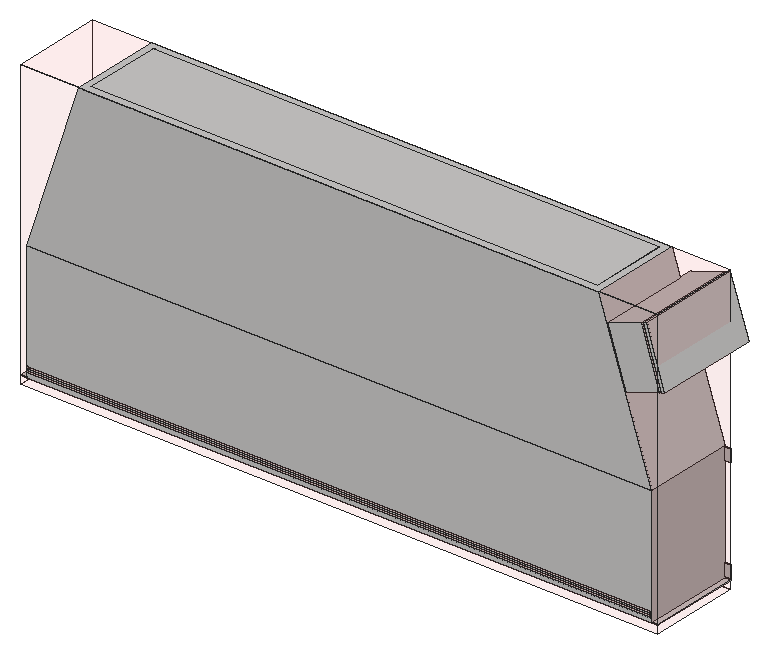
Revit family "Air-Curtain_Climate-Control_PoweredAire_TGD", category Mechanical Equipment, host Face, Revit 2017
Family settings
  Host = Face
  Round Connector Dimension = Use Diameter
  Part Type = Normal
  OmniClass Number = 23.75.35.17.21
  OmniClass Title = Air Curtains
  Cut with Voids When Loaded = No
  Shared = No
  Room Calculation Point = No
Parameters (values of type "144'' Nozzle")
  upperrotation [instance] = 0.00°
  lowerrotation [instance] = 0.00°
  locateupperpipe [instance] = 0' - 0"
  locatelowerpipe [instance] = 0' - 0"
  Warranty Duration (Years) = 0
  Unit Width Notes = "Other Widths available."  # constant formula
  Unit Width = 12' - 3 7/32"
  Unit Weight = 860
  Unit Height = 1' - 9"
  Unit Depth = 2' - 3 1/4"
  URL = "http://www.poweredaire.com/"
  Test Data = ""
  Standards Conformance = "Made in USA"
  Specification = "http://www.arcat.com/sdspecs/htm04/23_34_33pai.htm"
  SpecWizard = ""
  Sound Pressure = ">63 dBA"
  Sales Information = "http://www.poweredaire.com/contact_us"
  Revision = "R1_2016-08"
  Projection from Host [instance] = 0' - 2"
  Product Properties = ""
  Product Data = "http://www.arcat.com/arcatcos/cos47/arc47623.html"
  Power Rating = 0 W
  Piping_Water Flow [instance] = 0 GPM
  Piping_Operating Pressure [instance] = 0.00 psi
  Piping_Exit Temperature [instance] = 0 °F
  Piping_Entry Temperature [instance] = 0 °F
  Pipe OD [instance] = 5/8"
  Overall Depth = 5' - 4 1/4"
  Nozzle Width = if(1 = 1, Unit Width - 0' 3", 0' 0")  # 12' - 0 7/32"
  Mounting Width = if(1 = 1, Unit Width - 0' 1 1/2", 0' 0")  # 12' - 1 23/32"
  Mounting Height [instance] = 3' - 6"
  Motor RPM = 1630
  Motor HP = 0.75
  Motor Count = 4
  Model = "TDG-4-144"
  Max Height = 12' - 0"
  Manufacturer Website = "http://www.poweredaire.com/"
  Manufacturer Phone - Toll Free = "888-321-2473"
  Manufacturer Phone = "724-588-3305"
  Manufacturer Fax = "724-588-3371"
  Manufacturer Address = "109 Mortensen Rd.  Greenville, PA 16125"
  Manufacturer = "Powered Aire, Inc"
  Maintenance Schedule (Months) = 0
  Keynote = "23 34 33"
  Intake Width = 10' - 0"
  Installation-Fabrication = ""
  Installation Phase = ""
  Include Clearance [instance] = yes
  Heating Element Load = 0 W
  Filter Weight = 0
  Front Grating Material [instance] = Metal - Steel - PoweredAire - Stainless 304 Perforated
  HVAC_Temperature Rise = 105 °F
  HVAC_Primary CFM = 0 CFM
  HVAC_Outlet Volume = 10200 CFM
  HVAC_Outlet Velocity Uniformity = 0.95
  HVAC_Outlet Velocity = 3700 FPM
  HVAC_Exit Temperature [instance] = 0 °F
  HVAC_BTU Output = 1153000.0 Btu/h
  HVAC_BTU Input = 0.0 Btu/h
  Green Building-LEED = "http://www.arcat.com/green/clients/leed_data_47623.html"
  Gas Connection Diameter [instance] = 0"
  Frame Finish [instance] = Metal - Steel - PoweredAire - Stainless 304
  Expected Lifespan (Years) = 0
  Exhaust Connection Diameter = 0' - 5"
  Electrical_Wattage [instance] = Power Rating + Heating Element Load  # 0 W
  Electrical_Voltage [instance] = 0 V
  Electrical_Phase [instance] = 1
  Electrical_Frequency [instance] = 0 Hz
  Electrical_Amperage [instance] = 0 A
  Drawn By = "Sumex Design, Inc. / Robert S. Weygant, CSI, CDT, SCIP"
  Description = "Powered Aire Direct Gas Heated Climate Control Air Curtain - TDG-4-144 as Specified"
  Default Elevation = 0' - 0"  # constant formula
  Copyright = "©Arcat Inc."
  Construction Details = "http://www.arcat.com/details/powair/prod3336.html"
  Clearance_Top [instance] = 0' - 0"
  Clearance_Side B [instance] = 0' - 0"
  Clearance_Side A [instance] = 0' - 0"
  Clearance_Intake [instance] = 0' - 0"
  Clearance_Bottom [instance] = 0' - 0"
  Clearance Material [instance] = ARCAT Clearance
  Building Codes = ""
  Available Options [instance] = "as Specified"
  Assembly Code = "D3090400"
Types (7): name | Unit Width | Unit Weight | Nozzle Width | Mounting Width | Motor Count | Model | Intake Width | HVAC_Outlet Volume | HVAC_Outlet Velocity Uniformity | HVAC_Outlet Velocity | HVAC_BTU Output | Description
  144'' Nozzle | 12' - 3 7/32" | 860 | 12' - 0 7/32" | 12' - 1 23/32" | 4 | "TDG-4-144" | 10' - 0" | 10200 CFM | 0.95 | 3700 FPM | 1153000.0 Btu/h | "Powered Aire Direct Gas Heated Climate Control Air Curtain - TDG-4-144 as Specified"
  132'' Nozzle | 11' - 3 5/32" | 780 | 11' - 0 5/32" | 11' - 1 21/32" | 3 | "TDG-3-132" | 8' - 0" | 7600 CFM | 0.94 | 2800 FPM | 861000.0 Btu/h | "Powered Aire Direct Gas Heated Climate Control Air Curtain - TDG-3-132 as Specified"
  120'' Nozzle | 10' - 3 5/32" | 760 | 10' - 0 5/32" | 10' - 1 21/32" | 3 | "TDG-3-120" | 8' - 0" | 7600 CFM | 0.95 | 3200 FPM | 864000.0 Btu/h | "Powered Aire Direct Gas Heated Climate Control Air Curtain - TDG-3-120 as Specified"
  108'' Nozzle | 9' - 3 5/32" | 660 | 9' - 0 5/32" | 9' - 1 21/32" | 3 | "TDG-3-108" | 8' - 0" | 7600 CFM | 0.92 | 3700 FPM | 865000.0 Btu/h | "Powered Aire Direct Gas Heated Climate Control Air Curtain - TDG-3-108 as Specified"
  96'' Nozzle | 8' - 3 1/16" | 600 | 8' - 0 1/16" | 8' - 1 9/16" | 2 | "TDG-2-96" | 6' - 1" | 5100 CFM | 0.92 | 2800 FPM | 576000.0 Btu/h | "Powered Aire Direct Gas Heated Climate Control Air Curtain - TDG-2-96 as Specified"
  84'' Nozzle | 7' - 3 1/16" | 550 | 7' - 0 1/16" | 7' - 1 9/16" | 2 | "TDG-2-84" | 6' - 1" | 5100 CFM | 0.93 | 3200 FPM | 574000.0 Btu/h | "Powered Aire Direct Gas Heated Climate Control Air Curtain - TDG-2-84 as Specified"
  72'' Nozzle | 6' - 3 1/16" | 500 | 6' - 0 1/16" | 6' - 1 9/16" | 2 | "TDG-2-72" | 6' - 1" | 5100 CFM | 0.95 | 3700 FPM | 576000.0 Btu/h | "Powered Aire Direct Gas Heated Climate Control Air Curtain - TDG-2-72 as Specified"
Reference planes (in)
  plane 1 "Center (Elevation)": y = 0.13818
  plane 2: z = 0
  plane 3 "Center (Left/Right)": x = 0
  plane 4 "Top": y = 10.63818
  plane 5: y = -10.36182
  plane 6: x = -73.60937
  plane 7: x = 73.60938
  plane 8 "Front": z = 29.25
  plane 9 "FF": y = -41.86182
  plane 10: z = 2
  plane 11: x = 72.10938
  plane 12: x = -72.10937
  plane 13: y = 10.63818
  plane 14: y = -10.36182
  plane 15: x = -73.60937
  plane 16: x = 73.60938
  plane 17: z = 66.25
  plane 18: x = 72.04688
  plane 19: x = -72.04687
  plane 20: x = 72.10938
  plane 21: x = 72.10938
  plane 22: y = 8.13818
  plane 23: y = -7.86182
  plane 24: z = 66.25
  plane 25: x = -60
  plane 26: x = 60
Forms (in)
  Extrusion 1, solid, material "Metal - Steel - PoweredAire - Stainless 304" <- "Frame Finish"
    sketch origin (0, 0, 0) x (0, 1, 0) y (0, 0, 1)
      loop
        line (-10.36182, 2) -> (10.63818, 2) -> (10.63818, 29.25) -> (-10.36182, 29.25) -> (-10.36182, 2)
    from -72.10938 to 72.10938
  Extrusion 2, solid, material "ARCAT Clearance" <- "Clearance Material", visible <- "Include Clearance"
    sketch origin (0, 0, 0) x (0, 1, 0) y (0, 0, 1)
      loop
        line (-10.36182, 66.25) -> (-10.36182, 0) -> (10.63818, 0) -> (10.63818, 66.25) -> (-10.36182, 66.25)
    from -73.60937 to 73.60937
  Extrusion 3, solid, material "Metal - Steel - PoweredAire - Stainless 304" <- "Frame Finish"
    sketch origin (-15.17702, -180, 2) x (-1, 0, 0) y (0, -1, 0)
      loop
        line (-87.2864, -190.63818) -> (-87.2864, -169.63818) -> (-88.7864, -169.63818) -> (-88.7864, -190.63818) -> (-87.2864, -190.63818)
      loop
        line (56.93235, -190.63818) -> (58.43235, -190.63818) -> (58.43235, -169.63818) -> (56.93235, -169.63818) -> (56.93235, -190.63818)
    from 0 to 0.125
  Extrusion 4, solid, material "Metal - Steel - PoweredAire - Stainless 304" <- "Frame Finish"
    sketch origin (-11.83813, 10.63818, 48) x (-1, 0, 0) y (0, 0, 1)
      loop
        line (-83.9475, -45.5) -> (-83.9475, -42.75) -> (-85.4475, -42.75) -> (-85.4475, -45.5) -> (-83.9475, -45.5)
      loop
        line (-83.9475, -21.5) -> (-83.9475, -18.75) -> (-85.4475, -18.75) -> (-85.4475, -21.5) -> (-83.9475, -21.5)
      loop
        line (60.27125, -45.5) -> (61.77125, -45.5) -> (61.77125, -42.75) -> (60.27125, -42.75) -> (60.27125, -45.5)
      loop
        line (60.27125, -21.5) -> (61.77125, -21.5) -> (61.77125, -18.75) -> (60.27125, -18.75) -> (60.27125, -21.5)
    from 0 to -0.125
  Extrusion 5, void
    sketch origin (0, 0, 0) x (0, 1, 0) y (0, 0, 1)
      loop
        line (-10.36182, 3) -> (-9.36182, 3) -> (-9.36182, 4.5) -> (-10.36182, 4.5) -> (-10.36182, 3.82425) -> (-9.50864, 3.82425) -> (-9.50864, 3.57425) -> (-10.36182, 3.57425) -> (-10.36182, 3)
    from -72.04687 to 72.04688
  Extrusion 6, solid, material "Metal - Steel - PoweredAire - Stainless 304" <- "Frame Finish"
    sketch origin (0, 0.13818, 0) x (1, 0, 0) y (0, 0, 1)
      loop
        line (-72.10937, 29.25) -> (72.10938, 29.25) -> (60, 66.25) -> (-60, 66.25) -> (-72.10937, 29.25)
    from -10.5 to 10.5
  Extrusion 7, solid, material "Metal - Steel - PoweredAire - Stainless 304 Perforated" <- "Front Grating Material"
    sketch origin (-60, 0.13818, 66.25) x (1, 0, 0) y (0, 1, 0)
      loop
        line (1.5, 9) -> (1.5, -9) -> (118.5, -9) -> (118.5, 9) -> (1.5, 9)
    from 0 to 0.03125
  Extrusion 8, solid, material "Metal - Steel - PoweredAire - Stainless 304" <- "Frame Finish"
    sketch origin (60, 0.13818, 66.25) x (0.311046, 0, -0.950395) y (0, 1, 0)
      loop
        line (6, -10.5) -> (19.60097, -10.5) -> (19.60097, 13.5) -> (6, 13.5) -> (6, -10.5)
    from 0 to 9.625
  Sweep 9, void
    path in 3D
      loop
        line (71.01383, -10.36182, 63.54144) -> (75.24435, -10.36182, 50.61515) -> (75.24435, 13.63818, 50.61515) -> (71.01383, 13.63818, 63.54144) -> (71.01383, -10.36182, 63.54144)
    profile origin (71.01383, 1.63818, 63.54144) x (0.311046, 0, -0.950395) y (0.950395, 0, 0.311046)
      loop
        line (0, -0.75) -> (0, -1.25) -> (0.25, -1.25) -> (0.25, -0.75) -> (0, -0.75)
Cuts and joins
  Extrusion 5 cuts Extrusion 1
  Sweep 9 cuts Extrusion 8
Lines and regions (in)
  sketch lines
    curve 1: line (71.01383, 13.63818, 63.54144) -> (71.01383, -10.36182, 63.54144)
    curve 2: line (75.24435, 13.63818, 50.61515) -> (71.01383, 13.63818, 63.54144)
    curve 3: line (71.01383, -10.36182, 63.54144) -> (75.24435, -10.36182, 50.61515)
    curve 4: line (75.24435, -10.36182, 50.61515) -> (75.24435, 13.63818, 50.61515)
Dimensions and locks (in)
  equal spacing: plane 4 "Top", plane 1 "Center (Elevation)", plane 5
  "Unit Height": plane 4 "Top" to plane 5
  equal spacing: plane 6, plane 3 "Center (Left/Right)", plane 7
  "Unit Width": plane 6 to plane 7
  "Mounting Height": plane 1 "Center (Elevation)" to plane 9 "FF"
  "Projection from Host": plane 10 to level
  "Unit Depth": plane 8 "Front" to plane 10
  locked: plane 6 to plane 12 at 1.5
  locked: plane 11 to plane 7 at 1.5
  "Clearance_Side A": plane 7 to plane 16
  "Clearance_Side B": plane 15 to plane 6
  "Clearance_Top": plane 13 to plane 4 "Top"
  "Clearance_Bottom": plane 5 to plane 14
  "Clearance_Intake": plane 17 to plane 24
  Extrusion 5 sketch curve to Extrusion 5 sketch curve to Extrusion 5 sketch curve to Extrusion 5 sketch curve to plane 10 = 0' - 0.67575" locked, 0' - 0 1/4" locked, 0' - 0.57425" locked, 0' - 1" locked
  plane 5 to Extrusion 5 sketch curve to Extrusion 5 sketch curve = 0' - 0.85319" locked, 0' - 0.14681" locked
  locked: plane 19 to plane 12 at 0.0625
  locked: plane 11 to plane 18 at 0.0625
  "locateupperpipe": plane 20 to plane 11
  "locatelowerpipe": plane 21 to plane 11
  locked: plane 4 "Top" to plane 22 at 2.5
  locked: plane 23 to plane 5 at 2.5
  "Overall Depth": plane 24 to plane 10
  Extrusion 4 sketch curve to Extrusion 4 sketch curve to plane 10 = 0' - 2 3/4" locked, 0' - 0 1/2" locked  (x2)
  plane 8 "Front" to Extrusion 4 sketch curve to Extrusion 4 sketch curve = 0' - 0" locked, 0' - 2 3/4" locked  (x2)
  equal spacing: plane 25, plane 3 "Center (Left/Right)", plane 26
  "Intake Width": plane 25 to plane 26
  locked: plane 4 "Top" to Extrusion 7 sketch curve at 1.5
  locked: Extrusion 7 sketch curve to plane 5 at 1.5
  locked: plane 25 to Extrusion 7 sketch curve at 1.5
  locked: Extrusion 7 sketch curve to plane 26 at 1.5
  aligned and locked: plane 2 to host face
  aligned and locked: level to host face
  aligned and locked: Extrusion 2 sketch curve to plane 17
  aligned and locked: plane 14 to Extrusion 2 sketch curve
  aligned and locked: level to Extrusion 2 sketch curve
  aligned and locked: Extrusion 2 sketch curve to plane 13
  aligned and locked: plane 16 to Extrusion 2
  aligned and locked: Extrusion 2 to plane 15
  aligned and locked: plane 11 to Extrusion 1
  aligned and locked: Extrusion 1 to plane 12
  aligned and locked: Extrusion 1 sketch curve to plane 8 "Front"
  aligned and locked: plane 18 to cut or joined group of Extrusion 1, Extrusion 5
  aligned and locked: cut or joined group of Extrusion 1, Extrusion 5 to plane 19
  aligned and locked: Extrusion 6 sketch curve to plane 8 "Front"
  aligned and locked: plane 21 to Extrusion 6 sketch curve
  aligned and locked: plane 12 to Extrusion 6 sketch curve
  aligned and locked: Extrusion 6 sketch curve to plane 24
  aligned and locked: plane 25 to Extrusion 6 sketch curve
  aligned and locked: plane 26 to Extrusion 6 sketch curve
  aligned and locked: plane 4 "Top" to Extrusion 6
  aligned and locked: Extrusion 6 to plane 5
Automatic sketch dimensions
  host sketch curve to host sketch curve = 8' - 0"  (x2)
  plane 4 "Top" to Extrusion 3 sketch curve = 0' - 0"
  Extrusion 3 sketch curve to plane 7 = 0' - 0"
  plane 5 to Extrusion 3 sketch curve = 0' - 0"
  Extrusion 3 sketch curve to plane 11 = 0' - 0"
  Extrusion 3 sketch curve to plane 4 "Top" = 0' - 0"
  Extrusion 3 sketch curve to plane 12 = 0' - 0"
  Extrusion 3 sketch curve to plane 6 = 0' - 0"
  Extrusion 3 sketch curve to plane 5 = 0' - 0"
  Extrusion 4 sketch curve to plane 7 = 0' - 0"  (x2)
  Extrusion 4 sketch curve to plane 11 = 0' - 0"  (x2)
  Extrusion 4 sketch curve to plane 12 = 0' - 0"  (x2)
  Extrusion 4 sketch curve to plane 6 = 0' - 0"  (x2)
  Extrusion 5 sketch curve to plane 5 = 0' - 0"  (x2)
  Extrusion 1 sketch curve to plane 5 = 0' - 0"
  Extrusion 1 sketch curve to plane 4 "Top" = 0' - 0"
  Extrusion 1 sketch curve to plane 10 = 0' - 0"
  Extrusion 8 sketch curve to Extrusion 6 = 0' - 3"
  Extrusion 6 to Extrusion 8 sketch curve = 1' - 7.33021"
  Extrusion 8 sketch curve to Extrusion 6 = 0' - 0"
  Extrusion 8 sketch curve to Extrusion 6 = 0' - 6"
  profile plane to Sweep 9 sketch curve = 0' - 0"
  Sweep 9 sketch curve to profile plane = 0' - 0 3/4"
  Sweep 9 sketch curve to Sweep 9 sketch curve = 0' - 0 1/2"
  Sweep 9 sketch curve to Sweep 9 sketch curve = 0' - 0 1/4"
Connectors (in)
  electrical at (-72.10937, 0.13818, 15.625), driven by "Electrical_Voltage", driven by "Electrical_Phase"
    settings: on cut or joined group of Extrusion 1, Extrusion 5, index 3, voltage 0 V, apparent load 0 VA, apparent load phase1 0 VA, apparent load phase2 0 VA, apparent load phase3 0 VA, power factor 1, load classification "Motor", number of poles 1, system type 31, power factor state 1, is connector primary yes, connector utility no, sub classification motor no, connector description ""
